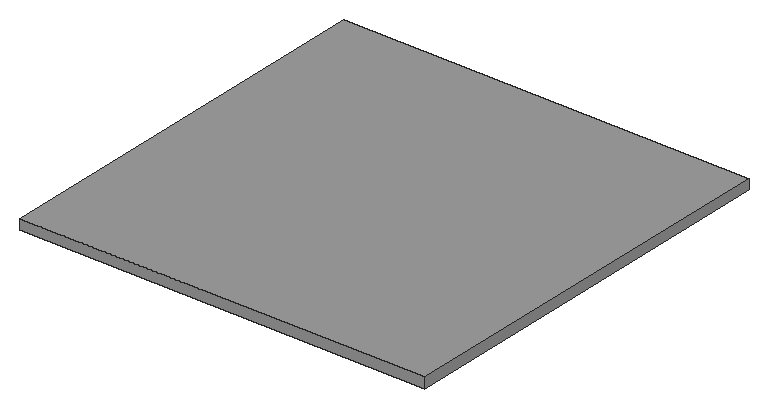
Revit family "WM-MN Suspended Ceiling 100mm Family", category Generic Models, host Ceiling, Revit 2017
Family settings
  Host = Ceiling
  Can host rebar = No
  Round Connector Dimension = Use Diameter
  Part Type = Normal
  Always vertical = Yes
  Cut with Voids When Loaded = No
  Shared = No
  Room Calculation Point = No
Parameters (values of type "Lambdaboard")
  Width = 4000 mm
  URL = "www.rigifoam.com"
  Type Comments = "duncan@rigifoam.com"
  Thermal Resistance = 4.1700 (m²·K)/W
  Thermal Conductivity = 0.0240 W/(m·K)
  Model = "WM/MN Suspended Ceiling 100mm"
  Material = Polyisocyanurate
  Manufacturer = "Lambdaboard"
  Length = 4000 mm
  Description = "Flexible PIR Insulation"
  Depth = 100 mm
  Density = 40.0000 kg/m³
Reference planes
  plane 1 "Center (Front/Back)": y = 0
  plane 2: z = 0
  plane 3 "Center (Left/Right)": x = 0
  plane 4 "Ceiling": z = 4000
Forms (mm)
  Extrusion 1, solid, material "Polyisocyanurate" <- "Material"
    sketch origin (0, 0, 4000) x (0, 1, 0) y (-1, 0, 0)
      loop
        line (2000, 2000) -> (-2000, 2000) -> (-2000, -2000) -> (2000, -2000) -> (2000, 2000)
    from -100 to 0
Dimensions and locks
  equal spacing: host sketch curve, plane 3 "Center (Left/Right)", host sketch curve
  equal spacing: host sketch curve, plane 1 "Center (Front/Back)", host sketch curve
  host sketch curve to host sketch curve = 4000 mm  (x2)
  plane 4 "Ceiling" to host ceiling = 0 mm
  equal spacing: Extrusion 1, plane 3 "Center (Left/Right)", Extrusion 1
  "Length": Extrusion 1 to Extrusion 1
  "Width": Extrusion 1 to Extrusion 1
  "Depth": Extrusion 1 to Extrusion 1
Automatic sketch dimensions
  plane 1 "Center (Front/Back)" to Extrusion 1 sketch curve = 2000 mm
  Extrusion 1 sketch curve to plane 1 "Center (Front/Back)" = 2000 mm
  plane 3 "Center (Left/Right)" to Extrusion 1 sketch curve = 2000 mm
  Extrusion 1 sketch curve to plane 3 "Center (Left/Right)" = 2000 mm
